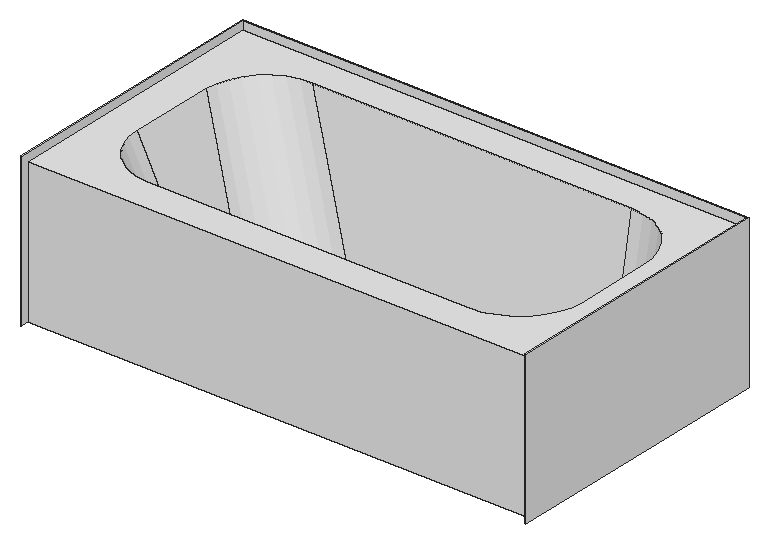
Revit family "T6032AFR L-R", category Plumbing Fixtures, Revit 2019
Family settings
  Round Connector Dimension = Use Diameter
  Part Type = Normal
  OmniClass Number = 23.45.05.14.17
  OmniClass Title = Showers
  Work Plane-Based = No
  Always vertical = Yes
  Cut with Voids When Loaded = No
  Shared = No
  Room Calculation Point = No
Parameters (values of type "T6032AFT L-R")
  Unit Width = 60"
  Unit Height = 18"
  Unit Depth = 33"
  URL = "http://www.best-bath.com"
  Type Comments = "Remodeler"
  Model = "T6032.V2"
  Material [instance] = Best Bath Gelcoat Fiberglass - Smooth
  Manufacturer = "Best Bath Systems, Inc."
  Keynote = "22 40 00.D2"
  Description = "Smooth Wall Finish, Bathtub"
  Bowl Min Width = 20"
  Bowl Max Width = 24 1/4"
  Assembly Code = "D2010510"
Reference planes (in)
  plane 1 "Back": y = 0
  plane 2: z = 0.25
  plane 3 "Left": x = 0
  plane 4: x = 60
  plane 5: y = -32
  plane 6: z = 18.25
  plane 7: x = 52
  plane 8: z = 17.25
  plane 9: y = -16
  plane 10: y = -1.25
  plane 11: x = 10
  plane 12: x = 55.5
  plane 13: y = -6
  plane 14: y = -26
  plane 15: y = -3.75
  plane 16: y = -28.25
  plane 17: x = 4
  plane 18: x = 57
  plane 19: y = -33
Forms (in)
  Extrusion 1, solid, material "Best Bath Gelcoat Fiberglass - Smooth"
    sketch origin (0, 0, 0.25) x (1, 0, 0) y (0, 1, 0)
      loop
        line (0, -32) -> (60, -32) -> (60, 0) -> (0, 0) -> (0, -32)
      loop
        circle (52, -16) r 1.5
    from 0 to 17
  Blend 2, void
    base sketch origin (0, -2.125, 0.25) x (1, 0, 0) y (0, 1, 0)
      loop
        arc (17, -3.875) -> (12.05025, -5.92525) -> (10, -10.875) r 7
        line (10, -10.875) -> (10, -16.875)
        arc (10, -16.875) -> (12.05025, -21.82475) -> (17, -23.875) r 7
        line (17, -23.875) -> (48.5, -23.875)
        arc (48.5, -23.875) -> (53.44975, -21.82475) -> (55.5, -16.875) r 7
        line (55.5, -16.875) -> (55.5, -10.875)
        arc (55.5, -10.875) -> (53.44975, -5.92525) -> (48.5, -3.875) r 7
        line (48.5, -3.875) -> (17, -3.875)
    top sketch origin (0, -2.125, 0.25) x (1, 0, 0) y (0, 1, 0)
      loop
        arc (11, -1.625) -> (6.05025, -3.67525) -> (4, -8.625) r 7
        line (4, -8.625) -> (4, -19.125)
        arc (4, -19.125) -> (6.05025, -24.07475) -> (11, -26.125) r 7
        line (11, -26.125) -> (49.25, -26.125)
        arc (49.25, -26.125) -> (54.73008, -23.85508) -> (57, -18.375) r 7.75
        line (57, -18.375) -> (57, -9.375)
        arc (57, -9.375) -> (54.73008, -3.89492) -> (49.25, -1.625) r 7.75
        line (49.25, -1.625) -> (11, -1.625)
    from 1 to 18
  Extrusion 3, solid, material "Best Bath Gelcoat Fiberglass - Smooth"
    sketch origin (0, 0, 0.25) x (1, 0, 0) y (0, 1, 0)
      loop
        line (0, -33) -> (0.125, -33) -> (0.125, -0.125) -> (59.875, -0.125) -> (59.875, -33) -> (60, -33) -> (60, 0) -> (0, 0) -> (0, -33)
    from 0 to 18
Cuts and joins
  Blend 2 cuts Extrusion 1
  joined: Extrusion 1, Extrusion 3
Dimensions and locks (in)
  "Unit Width": plane 3 "Left" to plane 4
  "Unit Height": plane 6 to level
  plane 3 "Left" to plane 7 to plane 4 = 52", 8"
  plane 9 to plane 1 "Back" = 16"
  locked: plane 12 to plane 4 at 4.5
  plane 14 to plane 5 = 6"
  locked: plane 3 "Left" to plane 11 at 10
  plane 15 to plane 1 "Back" = 3 3/4"
  plane 16 to plane 5 = 3 3/4"
  locked: plane 18 to plane 4 at 3
  locked: plane 3 "Left" to plane 17 at 4
  plane 8 to level = 17"
  locked: plane 10 to plane 1 "Back" at 1.25
  plane 6 to plane 8 = 1"
  locked: plane 5 to plane 19 at 1
  "Unit Depth": plane 19 to plane 1 "Back"
  cut or joined group of Extrusion 1, Blend 2, Extrusion 3 to cut or joined group of Extrusion 1, Blend 2, Extrusion 3 = 24.23529"
  cut or joined group of Extrusion 1, Blend 2, Extrusion 3 to cut or joined group of Extrusion 1, Blend 2, Extrusion 3 = 20"
  aligned and locked: level to plane 2
  aligned and locked: Extrusion 1 sketch curve to plane 1 "Back"
  aligned and locked: plane 9 to Extrusion 1 sketch curve
  aligned and locked: plane 7 to Extrusion 1 sketch curve
  aligned and locked: plane 14 to Blend 2 sketch curve
  aligned and locked: Blend 2 sketch curve to plane 13
  aligned and locked: Blend 2 sketch curve to plane 12
  aligned and locked: plane 11 to Blend 2 sketch curve
  aligned and locked: plane 17 to Blend 2 sketch curve
  aligned and locked: Blend 2 sketch curve to plane 18
  aligned and locked: plane 16 to Blend 2 sketch curve
  aligned and locked: Blend 2 sketch curve to plane 15
  aligned and locked: plane 8 to cut or joined group of Extrusion 1, Blend 2, Extrusion 3
  aligned and locked: cut or joined group of Extrusion 1, Blend 2, Extrusion 3 to plane 8
  aligned and locked: plane 6 to Extrusion 3
Automatic sketch dimensions
  Extrusion 1 sketch curve to plane 3 "Left" = 0"
  Extrusion 1 sketch curve to plane 4 = 0"
  Extrusion 1 sketch curve to plane 5 = 0"
  plane 1 "Back" to Extrusion 3 sketch curve = 0"
  Extrusion 3 sketch curve to plane 3 "Left" = 0"
  Extrusion 3 sketch curve to plane 19 = 0"  (x2)
  Extrusion 3 sketch curve to plane 4 = 0"
  plane 3 "Left" to Extrusion 3 sketch curve = 1/8"
  Extrusion 3 sketch curve to Extrusion 3 sketch curve = 1/8"
  plane 1 "Back" to Extrusion 3 sketch curve = 1/8"
  plane 7 to Blend 2 sketch curve = 2 3/4"  (x2)
  Blend 2 sketch curve to plane 15 = 7"
  plane 17 to Blend 2 sketch curve = 7"
  plane 11 to Blend 2 sketch curve = 7"  (x2)
  plane 7 to Blend 2 sketch curve = 3 1/2"  (x2)
  Blend 2 sketch curve to plane 13 = 0"
  radius of Extrusion 1 sketch curve = 1 1/2"
